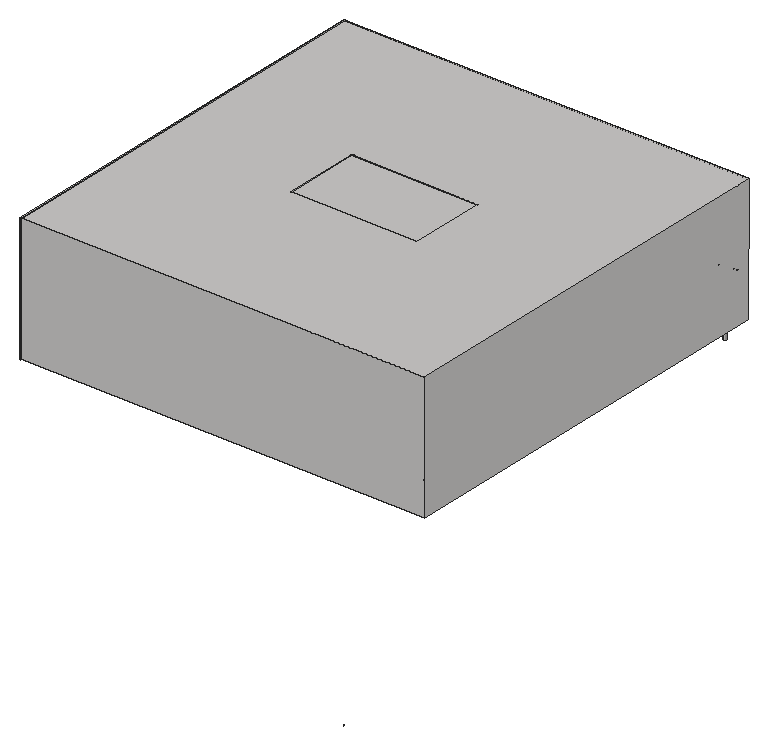
Revit family "QF_ELECTROLUXPROFESSIONAL_640279_VAP1616", category Specialty Equipment, Revit 2014
Reference planes
  plane 1: z = 0
  plane 2 "Center (Left/Right)": x = 150
  plane 3 "LEFT": x = -650
  plane 4 "RIGHT": x = 950
  plane 5 "BACK": y = 550
  plane 6 "TOP": z = 2500
  plane 7 "Base": z = 2000
  plane 8: z = 1970
  plane 9 "DrainY": y = 450
  plane 10: x = -647
  plane 11 "DrainX": x = 937
  plane 12 "AOLeft2": x = 400
  plane 13: x = 947
  plane 14: x = -450
  plane 15: x = 750
  plane 16: x = 50
  plane 17: x = 250
  plane 18 "Center (Front/Back)": y = -250
  plane 19 "Front": y = -1050
  plane 20 "AOLeft1": x = -100
  plane 21: through (0, 550, 2133.855) normal (0, 0.5299, 0.848)
  plane 22: through (0, -1050, 2133.855) normal (0, 0.5299, -0.848)
  plane 23: y = -100
  plane 24: y = -400
Forms (mm)
  Extrusion 1, solid, material "QF_Finishes_Stainless Steel"
    sketch origin (-650, 0, 360) x (0, 1, 0) y (0, 0, 1)
      loop
        line (550, 1640) -> (550, 2140) -> (-1050, 2140) -> (-1050, 1640) -> (550, 1640)
    from 0 to 3
  Extrusion 2, solid, material "QF_Finishes_Stainless Steel"
    sketch origin (950, 0, 360) x (0, 1, 0) y (0, 0, 1)
      loop
        line (550, 1640) -> (550, 2140) -> (-1050, 2140) -> (-1050, 1640) -> (550, 1640)
    from 0 to -3
  Extrusion 3, solid, material "QF_Finishes_Stainless Steel"
    sketch origin (150, 0, 360) x (0, 1, 0) y (0, 0, 1)
      loop
        line (-1050, 2140) -> (-1050, 1640) -> (-1040, 1640) -> (-1040, 1640.8) -> (-1049.2, 1640.8) -> (-1049.2, 2139.19) -> (549.2, 2139.19) -> (549.2, 1640.8) -> (540, 1640.8) -> (540, 1640) -> (550, 1640) -> (550, 2140) -> (-1050, 2140)
    from -800 to 800
  Extrusion 4, solid, material "QF_Finishes_Stainless Steel"
    sketch origin (0, 0, 2000) x (0, 1, 0) y (-1, 0, 0)
      loop
        circle (450, -937) r 4.763
    from -30 to 0
  Extrusion 5, void
    sketch origin (0, 400, 2500) x (0, 1, 0) y (-1, 0, 0)
      loop
        line (-500, -400) -> (-500, 100) -> (-800, 100) -> (-800, -400) -> (-500, -400)
    from 0 to -10
  Extrusion 6, solid, material "QF_Finishes_Stainless Steel"
    sketch origin (0, 0, 0) x (1, 0, 0) y (0, 1, 0)
      loop
        line (-650, 550) -> (-650, 549) -> (-649, 549) -> (-649, 550) -> (-650, 550)
    from 0 to 1
  Extrusion 7, solid, material "QF_Finishes_Stainless Steel"
    sketch origin (150, 0, 360) x (0, 1, 0) y (0, 0, 1)
      loop
        line (503.5, 1837.574) -> (207.375, 2022.621) -> (192.198, 1998.364) -> (488.366, 1813.348) -> (503.5, 1837.574)
      loop
        line (-1003.5, 1837.574) -> (-988.366, 1813.348) -> (-692.198, 1998.364) -> (-707.375, 2022.621) -> (-1003.5, 1837.574)
    from -600 to -797
  Extrusion 8, solid, material "QF_Finishes_Stainless Steel"
    sketch origin (150, 0, 360) x (0, 1, 0) y (0, 0, 1)
      loop
        line (549.2, 1775.312) -> (472.742, 1823.075) -> (472.313, 1822.387) -> (549.2, 1774.355) -> (549.2, 1775.312)
      loop
        line (202.48, 1991.938) -> (126.212, 2039.602) -> (-626.212, 2039.602) -> (-702.48, 1991.938) -> (-702.062, 1991.27) -> (-626, 2038.801) -> (126, 2038.801) -> (202.063, 1991.27) -> (202.48, 1991.938)
      loop
        line (-1049.2, 1775.312) -> (-1049.2, 1774.355) -> (-972.312, 1822.387) -> (-972.742, 1823.075) -> (-1049.2, 1775.312)
    from -797 to 797
  Extrusion 9, solid, material "QF_Finishes_Stainless Steel"
    sketch origin (150, 0, 360) x (0, 1, 0) y (0, 0, 1)
      loop
        line (-707.375, 2022.621) -> (-1003.5, 1837.574) -> (-988.366, 1813.348) -> (-692.198, 1998.364) -> (-707.375, 2022.621)
      loop
        line (503.5, 1837.574) -> (207.375, 2022.621) -> (192.198, 1998.364) -> (488.366, 1813.348) -> (503.5, 1837.574)
    from 797 to 600
  Extrusion 10, solid, material "QF_Finishes_Stainless Steel"
    sketch origin (150, 0, 360) x (0, 1, 0) y (0, 0, 1)
      loop
        line (-707.375, 2022.621) -> (-1003.5, 1837.574) -> (-988.366, 1813.348) -> (-692.198, 1998.364) -> (-707.375, 2022.621)
      loop
        line (503.5, 1837.574) -> (207.375, 2022.621) -> (192.198, 1998.364) -> (488.366, 1813.348) -> (503.5, 1837.574)
    from -100 to 100
  Extrusion 11, solid, material "QF_Finished_Chrome"
    sketch origin (150, 0, 360) x (0, 1, 0) y (0, 0, 1)
      loop
        line (503.5, 1837.574) -> (207.375, 2022.621) -> (192.198, 1998.364) -> (488.366, 1813.348) -> (503.5, 1837.574)
      loop
        line (-707.375, 2022.621) -> (-1003.5, 1837.574) -> (-988.366, 1813.348) -> (-692.198, 1998.364) -> (-707.375, 2022.621)
    from -600 to -100
  Extrusion 12, solid, material "QF_Finished_Chrome"
    sketch origin (150, 0, 360) x (0, 1, 0) y (0, 0, 1)
      loop
        line (-707.375, 2022.621) -> (-1003.5, 1837.574) -> (-988.366, 1813.348) -> (-692.198, 1998.364) -> (-707.375, 2022.621)
      loop
        line (503.5, 1837.574) -> (207.375, 2022.621) -> (192.198, 1998.364) -> (488.366, 1813.348) -> (503.5, 1837.574)
    from 100 to 600
  Sweep 13, solid, material "QF_Finishes_Stainless Steel"
    path origin (0, 0, 0) x (1, 0, 0) y (0, 1, 0)
      loop
        line (950, 550) -> (-650, 550) -> (-650, -1050) -> (950, -1050) -> (950, 550)
    profile origin (950, -250, 0) x (1, 0, 0) y (0, 0, 1)
      loop
        line (-3, 2000) -> (-3, 2000.8) -> (-19, 2000.8) -> (-19, 2010) -> (-20, 2010) -> (-20, 2000) -> (-3, 2000)
Cuts and joins
  Extrusion 5 cuts Extrusion 3
  joined: Extrusion 2, Extrusion 3, Sweep 13
Lines and regions (mm)
  symbolic lines, style "SpecialityEquipment", detail levels coarse
    curve 1: line (950, 550, 2500) -> (-650, 550, 2500)
    curve 2: line (-650, 550, 2500) -> (-650, -1050.8, 2500)
    curve 3: line (950, -1050.8, 2500) -> (950, 550, 2500)
    curve 4: line (-650, 550, 0) -> (950, -1050, 0)
    curve 5: line (950, 550, 0) -> (-650, -1050, 0)
  symbolic lines, detail levels coarse
    curve 6: line (-650, -1050, 0) -> (950, -1050, 0)
    curve 7: line (-100, -100, 0) -> (400, -100, 0)
    curve 8: line (-100, -400, 0) -> (-100, -100, 0)
    curve 9: line (400, -400, 0) -> (-100, -400, 0)
    curve 10: line (400, -100, 0) -> (400, -400, 0)
Dimensions and locks
  plane 3 "LEFT" to plane 4 "RIGHT" = 1600 mm
  equal spacing: plane 3 "LEFT", plane 2 "Center (Left/Right)", plane 4 "RIGHT"
  plane 7 "Base" to plane 8 = 30 mm
  plane 5 "BACK" to plane 9 "DrainY" = 100 mm  (x2)
  plane 3 "LEFT" to plane 10 = 3 mm
  plane 11 "DrainX" to plane 4 "RIGHT" = 13 mm
  plane 13 to plane 4 "RIGHT" = 3 mm
  plane 3 "LEFT" to plane 14 = 200 mm
  plane 15 to plane 4 "RIGHT" = 200 mm
  locked: plane 7 "Base" to level at 2000
  locked: plane 6 "TOP" to plane 7 "Base" at 500
  locked: plane 16 to plane 17 at 200
  equal spacing: plane 16, plane 2 "Center (Left/Right)", plane 17
  plane 5 "BACK" to plane 19 "Front" = 1600 mm  (x2)
  equal spacing: plane 5 "BACK", plane 18 "Center (Front/Back)", plane 19 "Front"
  locked: plane 23 to plane 24 at 300
  equal spacing: plane 23, plane 18 "Center (Front/Back)", plane 24
  locked: plane 20 "AOLeft1" to plane 12 "AOLeft2" at 500
  equal spacing: plane 20 "AOLeft1", plane 2 "Center (Left/Right)", plane 12 "AOLeft2"
  aligned and locked: level to plane 1
  aligned and locked: plane 4 "RIGHT" to Extrusion 3
  aligned and locked: Extrusion 3 to plane 3 "LEFT"
  aligned and locked: Extrusion 7 to plane 10
  aligned and locked: Extrusion 7 to plane 14
  aligned and locked: Extrusion 2 to plane 13
  aligned and locked: plane 13 to Extrusion 9
  aligned and locked: plane 15 to Extrusion 9
  aligned and locked: Extrusion 10 to plane 17
  aligned and locked: Extrusion 10 to plane 16
  aligned and locked: Extrusion 11 to plane 16
  aligned and locked: Extrusion 11 to plane 14
  aligned and locked: Extrusion 12 to plane 17
  aligned and locked: Extrusion 12 to plane 15
  aligned and locked: Extrusion 8 to plane 10
  aligned and locked: Extrusion 8 to plane 13
  aligned and locked: Extrusion 1 to plane 19 "Front"
  aligned and locked: Extrusion 5 to plane 20 "AOLeft1"
  aligned and locked: Extrusion 5 to plane 12 "AOLeft2"
  aligned and locked: plane 23 to Extrusion 5 sketch curve
  aligned and locked: Extrusion 5 sketch curve to plane 24
Automatic sketch dimensions
  curve 2 to plane 3 "LEFT" = 0 mm
  curve 3 to plane 4 "RIGHT" = 0 mm
  curve 2 to plane 5 "BACK" = 0 mm
  curve 3 to plane 19 "Front" = 0.8 mm
  curve 2 to plane 19 "Front" = 0.8 mm
  Extrusion 1 sketch curve to plane 7 "Base" = 0 mm
  Extrusion 1 sketch curve to plane 19 "Front" = 0 mm
  Extrusion 1 sketch curve to plane 5 "BACK" = 0 mm
  Extrusion 1 sketch curve to plane 6 "TOP" = 0 mm
  Extrusion 2 sketch curve to plane 7 "Base" = 0 mm
  Extrusion 2 sketch curve to plane 19 "Front" = 0 mm
  Extrusion 2 sketch curve to plane 5 "BACK" = 0 mm
  Extrusion 2 sketch curve to plane 6 "TOP" = 0 mm
  Extrusion 3 sketch curve to plane 6 "TOP" = 0 mm
  Extrusion 3 sketch curve to plane 19 "Front" = 0 mm
  Extrusion 3 sketch curve to plane 7 "Base" = 0 mm  (x2)
  Extrusion 3 sketch curve to plane 5 "BACK" = 0 mm
  plane 19 "Front" to Extrusion 3 sketch curve = 0.8 mm
  Extrusion 3 sketch curve to Extrusion 3 sketch curve = 9.2 mm
  plane 7 "Base" to Extrusion 3 sketch curve = 0.8 mm  (x2)
  Extrusion 3 sketch curve to plane 5 "BACK" = 10 mm
  Extrusion 3 sketch curve to plane 5 "BACK" = 0.8 mm
  Extrusion 3 sketch curve to plane 6 "TOP" = 0.81 mm
  Extrusion 4 sketch curve to plane 9 "DrainY" = 0 mm
  Extrusion 4 sketch curve to plane 11 "DrainX" = 0 mm
  Extrusion 5 sketch curve to plane 12 "AOLeft2" = 0 mm
  Extrusion 5 sketch curve to plane 20 "AOLeft1" = 0 mm
  Extrusion 6 sketch curve to plane 3 "LEFT" = 0 mm
  Extrusion 6 sketch curve to plane 5 "BACK" = 0 mm
  plane 3 "LEFT" to Extrusion 6 sketch curve = 1 mm
  Extrusion 6 sketch curve to Extrusion 6 sketch curve = 1 mm
  Sweep 13 sketch curve to plane 3 "LEFT" = 0 mm
  Sweep 13 sketch curve to plane 4 "RIGHT" = 0 mm
  Sweep 13 sketch curve to plane 19 "Front" = 0 mm
  Sweep 13 sketch curve to plane 5 "BACK" = 0 mm
  profile plane to Sweep 13 sketch curve = 20 mm
  Sweep 13 sketch curve to Sweep 13 sketch curve = 1 mm
  profile plane to Sweep 13 sketch curve = 3 mm
  level to Sweep 13 sketch curve = 2000 mm
  Sweep 13 sketch curve to Sweep 13 sketch curve = 0.8 mm
  Sweep 13 sketch curve to Sweep 13 sketch curve = 9.2 mm
  plane 19 "Front" to Extrusion 8 sketch curve = 0.8 mm
  Extrusion 8 sketch curve to Extrusion 8 sketch curve = 0.43 mm  (x2)
  Extrusion 8 sketch curve to Extrusion 8 sketch curve = 0.418 mm  (x2)
  Extrusion 8 sketch curve to plane 9 "DrainY" = 324 mm
  Extrusion 8 sketch curve to plane 6 "TOP" = 100.398 mm
  Extrusion 8 sketch curve to Extrusion 8 sketch curve = 0.212 mm  (x2)
  Extrusion 8 sketch curve to Extrusion 8 sketch curve = 76.063 mm
  Extrusion 8 sketch curve to plane 6 "TOP" = 148.062 mm
  plane 9 "DrainY" to Extrusion 8 sketch curve = 22.313 mm
  Extrusion 8 sketch curve to plane 5 "BACK" = 0.8 mm
  plane 7 "Base" to Extrusion 8 sketch curve = 134.355 mm  (x2)
  Extrusion 8 sketch curve to Extrusion 8 sketch curve = 0.957 mm  (x2)
  Extrusion 8 sketch curve to Extrusion 8 sketch curve = 0.669 mm
  Extrusion 8 sketch curve to Extrusion 8 sketch curve = 76.268 mm
  Extrusion 8 sketch curve to Extrusion 8 sketch curve = 0.801 mm
  Extrusion 7 sketch curve to plane 9 "DrainY" = 257.802 mm
  Extrusion 7 sketch curve to plane 6 "TOP" = 117.379 mm
  Extrusion 7 sketch curve to Extrusion 7 sketch curve = 15.177 mm  (x2)
  plane 9 "DrainY" to Extrusion 7 sketch curve = 38.366 mm
  Extrusion 7 sketch curve to Extrusion 7 sketch curve = 15.134 mm
  plane 7 "Base" to Extrusion 7 sketch curve = 173.348 mm  (x2)
  Extrusion 7 sketch curve to Extrusion 7 sketch curve = 24.226 mm  (x2)
  Extrusion 7 sketch curve to Extrusion 7 sketch curve = 24.257 mm
  Extrusion 11 sketch curve to plane 5 "BACK" = 46.5 mm
  plane 7 "Base" to Extrusion 11 sketch curve = 197.574 mm
  Extrusion 11 sketch curve to Extrusion 11 sketch curve = 15.134 mm  (x2)
  Extrusion 11 sketch curve to plane 6 "TOP" = 117.379 mm
  Extrusion 11 sketch curve to Extrusion 11 sketch curve = 24.226 mm  (x2)
  Extrusion 11 sketch curve to Extrusion 11 sketch curve = 15.177 mm  (x2)
  Extrusion 11 sketch curve to Extrusion 11 sketch curve = 24.257 mm  (x2)
  Extrusion 11 sketch curve to plane 6 "TOP" = 141.636 mm
  Extrusion 10 sketch curve to plane 6 "TOP" = 117.379 mm  (x2)
  Extrusion 10 sketch curve to Extrusion 10 sketch curve = 24.257 mm  (x2)
  Extrusion 10 sketch curve to Extrusion 10 sketch curve = 24.226 mm  (x2)
  Extrusion 10 sketch curve to Extrusion 10 sketch curve = 15.177 mm  (x2)
  plane 9 "DrainY" to Extrusion 10 sketch curve = 38.366 mm
  Extrusion 10 sketch curve to Extrusion 10 sketch curve = 15.134 mm  (x2)
  plane 7 "Base" to Extrusion 10 sketch curve = 173.348 mm
  Extrusion 12 sketch curve to plane 6 "TOP" = 117.379 mm
  Extrusion 12 sketch curve to Extrusion 12 sketch curve = 15.177 mm  (x2)
  Extrusion 12 sketch curve to Extrusion 12 sketch curve = 24.257 mm  (x2)
  Extrusion 12 sketch curve to plane 6 "TOP" = 141.636 mm
  plane 7 "Base" to Extrusion 12 sketch curve = 197.574 mm  (x2)
  Extrusion 12 sketch curve to plane 9 "DrainY" = 257.802 mm
  plane 9 "DrainY" to Extrusion 12 sketch curve = 38.366 mm
  Extrusion 12 sketch curve to Extrusion 12 sketch curve = 15.134 mm  (x2)
  Extrusion 9 sketch curve to plane 6 "TOP" = 117.379 mm  (x2)
  Extrusion 9 sketch curve to Extrusion 9 sketch curve = 24.257 mm  (x2)
  Extrusion 9 sketch curve to Extrusion 9 sketch curve = 24.226 mm  (x2)
  Extrusion 9 sketch curve to plane 5 "BACK" = 46.5 mm
  plane 7 "Base" to Extrusion 9 sketch curve = 197.574 mm
  Extrusion 9 sketch curve to Extrusion 9 sketch curve = 15.134 mm  (x2)
  Extrusion 9 sketch curve to Extrusion 9 sketch curve = 15.177 mm  (x2)
  Extrusion 7 sketch curve to plane 6 "TOP" = 141.636 mm
  plane 19 "Front" to Extrusion 7 sketch curve = 357.802 mm
  plane 19 "Front" to Extrusion 7 sketch curve = 61.634 mm
  plane 19 "Front" to Extrusion 8 sketch curve = 77.258 mm
  Extrusion 8 sketch curve to Extrusion 8 sketch curve = 270.262 mm
  plane 19 "Front" to Extrusion 9 sketch curve = 357.802 mm
  plane 19 "Front" to Extrusion 9 sketch curve = 61.634 mm
  plane 19 "Front" to Extrusion 10 sketch curve = 357.802 mm
  plane 19 "Front" to Extrusion 10 sketch curve = 61.634 mm
  plane 19 "Front" to Extrusion 11 sketch curve = 357.802 mm
  plane 19 "Front" to Extrusion 11 sketch curve = 61.634 mm
  plane 19 "Front" to Extrusion 12 sketch curve = 357.802 mm
  plane 19 "Front" to Extrusion 12 sketch curve = 61.634 mm
  curve 6 to plane 3 "LEFT" = 0 mm
  curve 4 to plane 3 "LEFT" = 0 mm
  curve 9 to plane 20 "AOLeft1" = 0 mm
  curve 10 to plane 12 "AOLeft2" = 0 mm
  curve 4 to plane 4 "RIGHT" = 0 mm
  curve 5 to plane 4 "RIGHT" = 0 mm
  curve 4 to plane 19 "Front" = 0 mm
  curve 9 to plane 24 = 0 mm
  curve 8 to plane 23 = 0 mm
  curve 4 to plane 5 "BACK" = 0 mm
  curve 5 to plane 5 "BACK" = 0 mm
  radius of Extrusion 4 sketch curve = 4.763 mm
Connectors
  piping at (937, 450, 1970), diameter 9.5
    settings: on Extrusion 4, index 1, connector inside diameter 609.6 mm, connector length 0 mm, flow factor 0, pipe flow 0.0 L/s, pressure drop 0.0 Pa, fitting loss kfactor 0, connector angle 0.00°, fixture units 0, engagement length 0 mm, angle of deflection 0.00°, flow configuration 1, flow direction 2, fitting loss method 0, system type 16, joint type 0, gender type 0, connector reference index -1, connector utility 0, adjustable connector no, is connector primary yes, connector description "Drain"
  hvac at (150, -250, 2500)
    settings: on Extrusion 5, index 2, duct flow 0.0 L/s, flow factor 0, pres drop 0.0 Pa, loss coef 0, conn angle 0.00°, conn width 300 mm, conn height 500 mm, conn diameter 609.6 mm, duct sys type 3, conn prof type 1, flow config 1, flow direction 2, loss method 0, conn ref index -1, conn util no, is conn primary yes, conn desc "EXHAUST OUTLET"
